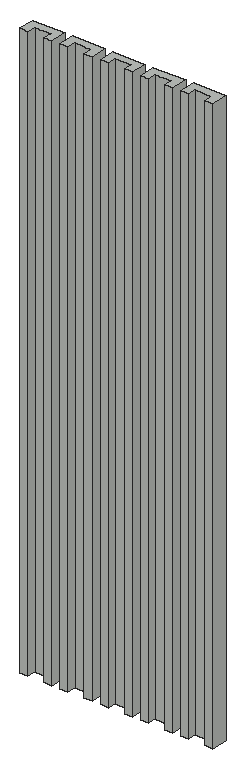
Revit family "Folded Plug Surfaces 001", category Generic Models, host Wall, Revit 2021
Family settings
  Host = Wall
  Can host rebar = No
  Round Connector Dimension = Use Diameter
  Part Type = Normal
  Always vertical = Yes
  Cut with Voids When Loaded = No
  Shared = No
  Room Calculation Point = No
Parameters
  URL = "https://www.csiposhfelt.com/products/folded-plug-surfaces-001"
  Plug Height = 6' - 0"
  Model = "Folded Plug Surfaces 001"
  Manufacturer = "CSI PoshFelt"
  Default Elevation = 0' - 0"
  Core Material = PSH300
Reference planes (in)
  plane 1: y = 0
  plane 2 "Center (Left/Right)": x = 0
  plane 3 "Wall Edge": y = 3
Forms (in)
  Extrusion 1, solid, material "PSH300" <- "Core Material"
    sketch origin (0, 0, 0) x (1, 0, 0) y (0, 1, 0)
      loop
        line (-12, 3) -> (-11, 3) -> (-11, 4) -> (-9, 4) -> (-9, 3) -> (-8, 3) -> (-8, 5) -> (-12, 5) -> (-12, 3)
      loop
        line (-7, 3) -> (-6, 3) -> (-6, 4) -> (-4, 4) -> (-4, 3) -> (-3, 3) -> (-3, 5) -> (-7, 5) -> (-7, 3)
      loop
        line (-2, 3) -> (-1, 3) -> (-1, 4) -> (1, 4) -> (1, 3) -> (2, 3) -> (2, 5) -> (-2, 5) -> (-2, 3)
      loop
        line (3, 3) -> (4, 3) -> (4, 4) -> (6, 4) -> (6, 3) -> (7, 3) -> (7, 5) -> (3, 5) -> (3, 3)
      loop
        line (8, 3) -> (9, 3) -> (9, 4) -> (11, 4) -> (11, 3) -> (12, 3) -> (12, 5) -> (8, 5) -> (8, 3)
    from 0 to 72
Lines and regions (in)
  reference lines
    curve 1: line (12, 33.88319, 0) -> (12, -28.11681, 0)
    curve 2: line (-12, 32.31761, 0) -> (-12, -28.11681, 0)
    curve 3: line (35.97675, 3, 72) -> (-31.02325, 3, 72)
Text (in)
  text "Placement Side" at (0, 40.15149, 123.01588), in view "Right"
  text "Placement Side" at (-70.3804, 28.46503, 0), in view "Ref. Level"
  text "Placement Side" at (0, 81.62555, 140.59947), in view "Left"
Dimensions and locks (in)
  locked: plane 3 "Wall Edge" to host wall
  "Plug Height": level to curve 3
  aligned and locked: Extrusion 1 to curve 3
  aligned and locked: Extrusion 1 to level
Automatic sketch dimensions
  curve 2 to plane 2 "Center (Left/Right)" = 1' - 0"
  plane 2 "Center (Left/Right)" to curve 1 = 1' - 0"
  host wall to curve 1 = 2' - 1.11681"
  curve 2 to curve 1 = 0' - 0"
  host wall to curve 2 = 2' - 5.31761"
  curve 2 to curve 1 = 0' - 1.56558"
  Extrusion 1 sketch curve to host wall = 0' - 0"  (x10)
  Extrusion 1 sketch curve to plane 2 "Center (Left/Right)" = 1' - 0"
  Extrusion 1 sketch curve to Extrusion 1 sketch curve = 0' - 1"  (x15)
  Extrusion 1 sketch curve to Extrusion 1 sketch curve = 0' - 2"  (x4)
  Extrusion 1 sketch curve to plane 2 "Center (Left/Right)" = 0' - 1"
  plane 2 "Center (Left/Right)" to Extrusion 1 sketch curve = 0' - 1"
  host wall to Extrusion 1 sketch curve = 0' - 1"  (x5)
  Extrusion 1 sketch curve to Extrusion 1 sketch curve = 0' - 0"  (x3)
  curve 3 to plane 2 "Center (Left/Right)" = 2' - 7.02325"
  plane 2 "Center (Left/Right)" to curve 3 = 2' - 11.97675"
